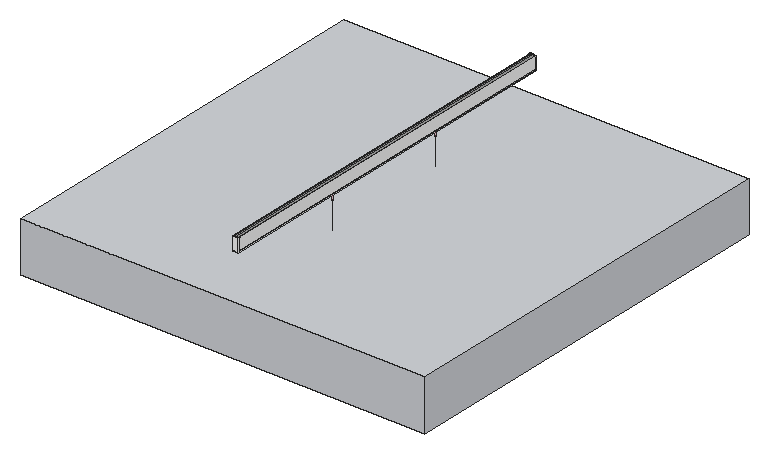
Revit family "LAMP_FIL 35 2240MM OPAL SUSPENDED", category Luminarias, Revit 2018
Family settings
  Anfitrión = Cara
  Cota de conector redondo = Diámetro de uso
  Tipo de pieza = Normal
  Corte con vacíos al cargar = No
  Origen de luz = Sí
  Compartido = No
  Punto de cálculo de habitación = No
Parameters (values of type "2310LM 3000K  BLACK")
  Ángulo de inclinación = -90.00°
  Weight = 4.90 kg
  Wattage = 21.7 W
  Type = "MID POWER TRIDONIC"
  built-in parameter 1150107 = 3000 (stored number, unit not read)
  NOT COVER 2 [instance] = not(END COVER 2)  # no
  NOT COVER 1 [instance] = not(END COVER 1)  # no
  END COVER 2 [instance] = yes
  END COVER 1 [instance] = yes
  Suspension distance [instance] = if(Suspension > 4000 mm, 4000 mm, if(Suspension < 1 mm, 1 mm, Suspension))  # 200 mm
  Suspension [instance] = 200 mm
  built-in parameter 1150110 = 1 (stored number, unit not read)
  built-in parameter 1150109 = 1 (stored number, unit not read)
  built-in parameter 1150112 = 1 (stored number, unit not read)
  built-in parameter 1150113 = 1 (stored number, unit not read)
  built-in parameter 1114218 = 1 (stored number, unit not read)
  Protection rating = "IP20 / IK07"
  Product datasheet = "http://www.lamp.es/product-files/TECH/F31SF224LOOP830NB-EN.pdf"
  Product code = "F31SF224LOOP830NB"
  Product URL = "https://www.lamp.es/en/family/fil-35_413911"
  Power Supply = "220-240V 50/60Hz"
  Power = 22 W
  Plum = 21.7 W
  Photobiological risk = ""
  built-in parameter 1150137 = (empty or 0)
  built-in parameter 1150132 = 2
  Modelo = Product code  # "F31SF224LOOP830NB"
  Model Explanation = ""
  Material suspension = LAMP_Acero genérico
  Material perfil = LAMP_Aluminio Perfil Fil NG
  Material difusor = LAMP_PC Difusor Opal Fil
  Manufacturer name = "LAMP"
  Manufacturer country = "Spain"
  Manufacturer URL = "http://www.lamp.es/en"
  MacAdam = "3"
  Longitud de línea de emisión = 2240 mm
  Last update = "28/04/2021"
  Lamp = "MID-POWER LED"
  LED Lifetime = "50.000 L90 B10"
  built-in parameter 1150105 = 961.24 (stored number, unit not read)
  built-in parameter 1150102 = (empty or 0)
  Insulation class = "I"
  Installation instructions = "https://www.lamp.es/product-files/INS/1004590-A%20INSTR.%20FIL35.pdf"
  built-in parameter 1150106 = 9.6124 (stored number, unit not read)
  IEE = "A+"
  Gear = "Electronic"
  Lumens = 2432.57 lm
  Finish = "Matte black RAL 9011"
  Color Filter = 16777215
  built-in parameter 1114217 = 1 (stored number, unit not read)
  built-in parameter 1150139 = (empty or 0)
  Fabricante = Manufacturer name  # "LAMP"
  Default Elevation = 1219.2 mm
  built-in parameter 1150104 = 10.414 (stored number, unit not read)
  Efficacy = 106.5 lm/W
  Dimensions = "2240x35x80"
  Descripción = "FIL35 SUR 2240 3200 WW OPAL BK."
  built-in parameter 1150115 = 1 (stored number, unit not read)
  built-in parameter 1150114 = 1 (stored number, unit not read)
  built-in parameter 1150138 = (empty or 0)
  built-in parameter 1150134 = 3
  Dimming Lamp Color Temperature Shift = (empty or 0)
  CRI = "80"
  Archivo de red fotométrica = "F31SF224LOOP830NB.IES"
  built-in parameter 1150133 = 10 (stored number, unit not read)
Types (12, lengths in mm): name | built-in parameter 1150107 | Product datasheet | Product code | Modelo | Material perfil | Finish | Efficacy | Descripción | Archivo de red fotométrica
  2310LM 3000K DALI BLACK | 3000 (stored number, unit not read) | "http://www.lamp.es/product-files/TECH/F31SF224LOOP830DB-EN.pdf" | "F31SF224LOOP830DB" | "F31SF224LOOP830DB" | LAMP_Aluminio Perfil Fil NG | "Matte black RAL 9011" | 106.5 lm/W | "FIL35 SUR 2240 3200 WW OPAL DALI BK." | "F31SF224LOOP830nB.IES"
  2310LM 3000K DALI GREY | 3000 (stored number, unit not read) | "http://www.lamp.es/product-files/TECH/F31SF224LOOP830DG-EN.pdf" | "F31SF224LOOP830DG" | "F31SF224LOOP830DG" | LAMP_Aluminio Perfil Fil GR | "Gloss grey" | 106.5 lm/W | "FIL35 SUR 2240 3200 WW OPAL DALI GR." | "F31SF224LOOP830nG.IES"
  2310LM 3000K DALI WHITE | 3000 (stored number, unit not read) | "http://www.lamp.es/product-files/TECH/F31SF224LOOP830DW-EN.pdf" | "F31SF224LOOP830DW" | "F31SF224LOOP830DW" | LAMP_Aluminio Perfil Fil BL | "Matte white RAL 9010" | 106.5 lm/W | "FIL35 SUR 2240 3200 WW OPAL DALI WH." | "F31SF224LOOP830nW.IES"
  2310LM 3000K  BLACK | 3000 (stored number, unit not read) | "http://www.lamp.es/product-files/TECH/F31SF224LOOP830NB-EN.pdf" | "F31SF224LOOP830NB" | "F31SF224LOOP830NB" | LAMP_Aluminio Perfil Fil NG | "Matte black RAL 9011" | 106.5 lm/W | "FIL35 SUR 2240 3200 WW OPAL BK." | "F31SF224LOOP830NB.IES"
  2310LM 3000K  GREY | 3000 (stored number, unit not read) | "http://www.lamp.es/product-files/TECH/F31SF224LOOP830NG-EN.pdf" | "F31SF224LOOP830NG" | "F31SF224LOOP830NG" | LAMP_Aluminio Perfil Fil GR | "Gloss grey" | 106.5 lm/W | "FIL35 SUR 2240 3200 WW OPAL GR." | "F31SF224LOOP830NG.IES"
  2310LM 3000K  WHITE | 3000 (stored number, unit not read) | "http://www.lamp.es/product-files/TECH/F31SF224LOOP830NW-EN.pdf" | "F31SF224LOOP830NW" | "F31SF224LOOP830NW" | LAMP_Aluminio Perfil Fil BL | "Matte white RAL 9010" | 106.5 lm/W | "FIL35 SUR 2240 3200 WW OPAL WH." | "F31SF224LOOP830NW.IES"
  2432LM 4000K DALI BLACK | 4000 (stored number, unit not read) | "http://www.lamp.es/product-files/TECH/F31SF224LOOP840DB-EN.pdf" | "F31SF224LOOP840DB" | "F31SF224LOOP840DB" | LAMP_Aluminio Perfil Fil NG | "Matte black RAL 9011" | 112.1 lm/W | "FIL35 SUR 2240 3200 NW OPAL DALI BK." | "F31SF224LOOP840nB.IES"
  2432LM 4000K DALI GREY | 4000 (stored number, unit not read) | "http://www.lamp.es/product-files/TECH/F31SF224LOOP840DG-EN.pdf" | "F31SF224LOOP840DG" | "F31SF224LOOP840DG" | LAMP_Aluminio Perfil Fil GR | "Gloss grey" | 112.1 lm/W | "FIL35 SUR 2240 3200 NW OPAL DALI GR." | "F31SF224LOOP840nG.IES"
  2432LM 4000K DALI WHITE | 4000 (stored number, unit not read) | "http://www.lamp.es/product-files/TECH/F31SF224LOOP840DW-EN.pdf" | "F31SF224LOOP840DW" | "F31SF224LOOP840DW" | LAMP_Aluminio Perfil Fil BL | "Matte white RAL 9010" | 112.1 lm/W | "FIL35 SUR 2240 3200 NW OPAL DALI WH." | "F31SF224LOOP840nW.IES"
  2432LM 4000K  BLACK | 4000 (stored number, unit not read) | "http://www.lamp.es/product-files/TECH/F31SF224LOOP840NB-EN.pdf" | "F31SF224LOOP840NB" | "F31SF224LOOP840NB" | LAMP_Aluminio Perfil Fil NG | "Matte black RAL 9011" | 112.1 lm/W | "FIL35 SUR 2240 3200 NW OPAL BK." | "F31SF224LOOP840NB.IES"
  2432LM 4000K  GREY | 4000 (stored number, unit not read) | "http://www.lamp.es/product-files/TECH/F31SF224LOOP840NG-EN.pdf" | "F31SF224LOOP840NG" | "F31SF224LOOP840NG" | LAMP_Aluminio Perfil Fil GR | "Gloss grey" | 112.1 lm/W | "FIL35 SUR 2240 3200 NW OPAL GR." | "F31SF224LOOP840NG.IES"
  2432LM 4000K  WHITE | 4000 (stored number, unit not read) | "http://www.lamp.es/product-files/TECH/F31SF224LOOP840NW-EN.pdf" | "F31SF224LOOP840NW" | "F31SF224LOOP840NW" | LAMP_Aluminio Perfil Fil BL | "Matte white RAL 9010" | 112.1 lm/W | "FIL35 SUR 2240 3200 NW OPAL WH." | "F31SF224LOOP840NW.IES"
Reference planes
  plane 1 "Centro (Frontal/Posterior)": y = 0
  plane 2: z = 0
  plane 3 "Centro (Izquierda/Derecha)": x = 0
Forms (mm)
  Extrusion 1, solid
    sketch origin (0, 0, 0) x (1, 0, 0) y (0, 1, 0)
      loop
        line (-1219.2, 1219.2) -> (-1219.2, -1219.2) -> (1219.2, -1219.2) -> (1219.2, 1219.2) -> (-1219.2, 1219.2)
    from 0 to -304.8
  Extrusion 2, solid, material "LAMP_Aluminio Perfil Fil NG" <- "Material perfil"
    sketch origin (0, 0, 0) x (1, 0, 0) y (0, 0, 1)
      loop
        arc (17.75, 285.7) -> (16.75, 286.7) -> (15.75, 285.7) r 1
        line (15.75, 285.7) -> (15.75, 284.2) -> (13.95, 284.2) -> (13.95, 259) -> (0, 259) -> (-13.95, 259) -> (-13.95, 284.2) -> (-15.75, 284.2) -> (-15.75, 285.7)
        arc (-15.75, 285.7) -> (-16.75, 286.7) -> (-17.75, 285.7) r 1
        line (-17.75, 285.7) -> (-17.75, 206.5) -> (-16.75, 206.5) -> (-16.75, 209.7) -> (-12.5, 209.7) -> (-12.5, 207.7) -> (-14.8, 207.7) -> (-13.6, 206.5) -> (-11, 206.5) -> (-11, 214.5) -> (0, 214.5) -> (11, 214.5) -> (11, 206.5) -> (13.6, 206.5) -> (14.8, 207.7) -> (12.5, 207.7) -> (12.5, 209.7) -> (16.75, 209.7) -> (16.75, 206.5) -> (17.75, 206.5) -> (17.75, 285.7)
    from -1120 to 1120
  Extrusion 3, solid, material "LAMP_Acero genérico" <- "Material suspension"
    sketch origin (0, 0, 0) x (1, 0, 0) y (0, 0, 1)
      loop
        line (-12.5, 201) -> (-15.291, 208.272) -> (-13.251, 209.7) -> (-14.251, 209.7) -> (-16.291, 208.272) -> (-13.116, 200) -> (0, 200) -> (13.116, 200) -> (16.291, 208.272) -> (14.251, 209.7) -> (13.251, 209.7) -> (15.291, 208.272) -> (12.5, 201) -> (0, 201) -> (-12.5, 201)
    from -400 to -378
  Extrusion 4, solid, material "LAMP_Acero genérico" <- "Material suspension"
    sketch origin (0, -24, 0) x (1, 0, 0) y (0, 1, 0)
      loop
        circle (0, -365) r 5
    from 163.2 to 200
  Extrusion 5, solid, material "LAMP_Acero genérico" <- "Material suspension"
    sketch origin (0, 24, 0) x (1, 0, 0) y (0, 1, 0)
      loop
        circle (0, 365) r 5
    from 163.2 to 200
  Extrusion 6, solid, material "LAMP_Acero genérico" <- "Material suspension"
    sketch origin (0, 0, 0) x (1, 0, 0) y (0, 1, 0)
      loop
        circle (0, -389) r 1
    from 0 to 163.2
  Extrusion 7, solid, material "LAMP_Acero genérico" <- "Material suspension"
    sketch origin (0, 0, 0) x (1, 0, 0) y (0, 1, 0)
      loop
        circle (0, 389) r 1
    from 0 to 163.2
  Extrusion 8, solid, material "LAMP_PC Difusor Opal Fil" <- "Material difusor"
    sketch origin (0, 0, -200) x (1, 0, 0) y (0, 0, 1)
      loop
        line (-15.75, 484.2) -> (0, 484.2) -> (15.75, 484.2) -> (15.75, 486.7) -> (0, 486.7) -> (-15.75, 486.7) -> (-15.75, 484.2)
    from -1120 to 1120
  Extrusion 9, solid, material "LAMP_Acero genérico" <- "Material suspension"
    sketch origin (0, 0, 0) x (1, 0, 0) y (0, 0, -1)
      loop
        line (-12.5, -201) -> (0, -201) -> (12.5, -201) -> (15.291, -208.272) -> (13.251, -209.7) -> (14.251, -209.7) -> (16.291, -208.272) -> (13.116, -200) -> (0, -200) -> (-13.116, -200) -> (-16.291, -208.272) -> (-14.251, -209.7) -> (-13.251, -209.7) -> (-15.291, -208.272) -> (-12.5, -201)
    from -400 to -378
  Extrusion 10, solid, material "LAMP_PC Difusor Opal Fil" <- "Material difusor"
    sketch origin (0, 0, 0) x (1, 0, 0) y (0, 0, 1)
      loop
        line (-11, 214.5) -> (-11, 206.5) -> (-7.529, 206.5) -> (11, 206.5) -> (11, 214.5) -> (10, 214.5) -> (10, 207.5) -> (-10, 207.5) -> (-10, 214.5) -> (-11, 214.5)
    from -1120 to 1120
Lines and regions (mm)
  reference lines
    curve 1: line (0, -445.47, 200) -> (0, 544.53, 200)
Text (mm)
  text "Any modification of the parameters and properties of the LAMP BIM models must be executed and validated by the LAMP technical department.\nPhone: +34 93 736 68 00\nE-mail: lamp@lamp.es\n\nLAMP reserves the right to modify the technical specifications of its products." at (3252.211, 5261.782, -2790.614), in view "Preview"
Dimensions and locks
  "Suspension distance": level to curve 1
  locked: Extrusion 4 to Extrusion 4 at 36.8
  locked: Extrusion 5 to Extrusion 5 at 36.8
  aligned and locked: plane 2 to Extrusion 1
  aligned and locked: level to Extrusion 1
  aligned and locked: curve 1 to Extrusion 9
  aligned and locked: curve 1 to Extrusion 3
  aligned and locked: Extrusion 4 to curve 1
  aligned and locked: Extrusion 5 to curve 1
  aligned and locked: Extrusion 6 to Extrusion 4
  aligned and locked: Extrusion 7 to Extrusion 5
  aligned and locked: Extrusion 2 to Extrusion 9
  aligned and locked: Extrusion 10 to Extrusion 2
  aligned and locked: Extrusion 8 to Extrusion 2
  aligned and locked: imposter light to Extrusion 8
  aligned and locked: Extrusion 2 to nested 1
  aligned and locked: nested 2 to Extrusion 2
Automatic sketch dimensions
  Extrusion 1 sketch curve to Extrusion 1 sketch curve = 2438.4 mm  (x2)
  Extrusion 4 sketch curve to plane 3 "Centro (Izquierda/Derecha)" = 0 mm
  plane 1 "Centro (Frontal/Posterior)" to Extrusion 4 sketch curve = 389 mm
  Extrusion 5 sketch curve to plane 3 "Centro (Izquierda/Derecha)" = 0 mm
  plane 1 "Centro (Frontal/Posterior)" to Extrusion 5 sketch curve = 389 mm
  Extrusion 6 sketch curve to plane 3 "Centro (Izquierda/Derecha)" = 0 mm
  plane 1 "Centro (Frontal/Posterior)" to Extrusion 6 sketch curve = 389 mm
  Extrusion 7 sketch curve to plane 3 "Centro (Izquierda/Derecha)" = 0 mm
  plane 1 "Centro (Frontal/Posterior)" to Extrusion 7 sketch curve = 389 mm
  Extrusion 10 sketch curve to plane 3 "Centro (Izquierda/Derecha)" = 11 mm
  Extrusion 10 sketch curve to Extrusion 10 sketch curve = 1 mm  (x3)
  Extrusion 10 sketch curve to Extrusion 10 sketch curve = 2.471 mm
  plane 3 "Centro (Izquierda/Derecha)" to Extrusion 10 sketch curve = 10 mm
  level to Extrusion 10 sketch curve = 206.5 mm
  Extrusion 10 sketch curve to Extrusion 10 sketch curve = 7 mm  (x2)
  Extrusion 2 sketch curve to plane 3 "Centro (Izquierda/Derecha)" = 0 mm  (x2)
  Extrusion 2 sketch curve to Extrusion 2 sketch curve = 11 mm
  Extrusion 2 sketch curve to Extrusion 2 sketch curve = 1.5 mm  (x4)
  Extrusion 2 sketch curve to Extrusion 2 sketch curve = 1.1 mm  (x2)
  Extrusion 2 sketch curve to plane 3 "Centro (Izquierda/Derecha)" = 13.95 mm
  Extrusion 2 sketch curve to Extrusion 2 sketch curve = 1.2 mm  (x4)
  Extrusion 2 sketch curve to Extrusion 2 sketch curve = 1.8 mm  (x2)
  Extrusion 2 sketch curve to Extrusion 2 sketch curve = 1 mm  (x3)
  plane 3 "Centro (Izquierda/Derecha)" to Extrusion 2 sketch curve = 11 mm
  plane 3 "Centro (Izquierda/Derecha)" to Extrusion 2 sketch curve = 13.95 mm
  Extrusion 2 sketch curve to Extrusion 2 sketch curve = 1.95 mm
  level to Extrusion 2 sketch curve = 206.5 mm
  Extrusion 2 sketch curve to Extrusion 2 sketch curve = 0 mm  (x3)
  Extrusion 2 sketch curve to Extrusion 2 sketch curve = 2 mm  (x2)
  Extrusion 2 sketch curve to Extrusion 2 sketch curve = 4.8 mm
  Extrusion 2 sketch curve to Extrusion 2 sketch curve = 44.5 mm
  Extrusion 2 sketch curve to Extrusion 2 sketch curve = 25.2 mm
  Extrusion 2 sketch curve to Extrusion 2 sketch curve = 26.7 mm
  Extrusion 8 sketch curve to plane 3 "Centro (Izquierda/Derecha)" = 0 mm  (x2)
  Extrusion 8 sketch curve to Extrusion 8 sketch curve = 15.75 mm
  plane 3 "Centro (Izquierda/Derecha)" to Extrusion 8 sketch curve = 15.75 mm
  level to Extrusion 8 sketch curve = 284.2 mm
  Extrusion 9 sketch curve to plane 3 "Centro (Izquierda/Derecha)" = 0 mm  (x2)
  Extrusion 9 sketch curve to Extrusion 9 sketch curve = 12.5 mm
  Extrusion 9 sketch curve to Extrusion 9 sketch curve = 0.616 mm  (x2)
  Extrusion 9 sketch curve to Extrusion 9 sketch curve = 0.751 mm  (x2)
  Extrusion 9 sketch curve to Extrusion 9 sketch curve = 1 mm  (x5)
  Extrusion 9 sketch curve to Extrusion 9 sketch curve = 1.04 mm  (x2)
  plane 3 "Centro (Izquierda/Derecha)" to Extrusion 9 sketch curve = 12.5 mm
  level to Extrusion 9 sketch curve = 209.7 mm
  Extrusion 9 sketch curve to Extrusion 9 sketch curve = 0 mm  (x3)
  Extrusion 9 sketch curve to Extrusion 9 sketch curve = 1.428 mm  (x2)
  Extrusion 9 sketch curve to Extrusion 9 sketch curve = 7.272 mm
  Extrusion 3 sketch curve to plane 3 "Centro (Izquierda/Derecha)" = 0 mm  (x2)
  Extrusion 3 sketch curve to Extrusion 3 sketch curve = 12.5 mm
  Extrusion 3 sketch curve to Extrusion 3 sketch curve = 0.616 mm  (x2)
  Extrusion 3 sketch curve to Extrusion 3 sketch curve = 0.751 mm  (x2)
  Extrusion 3 sketch curve to Extrusion 3 sketch curve = 1 mm  (x5)
  Extrusion 3 sketch curve to Extrusion 3 sketch curve = 1.04 mm  (x2)
  plane 3 "Centro (Izquierda/Derecha)" to Extrusion 3 sketch curve = 12.5 mm
  level to Extrusion 3 sketch curve = 200 mm
  Extrusion 3 sketch curve to Extrusion 3 sketch curve = 7.272 mm  (x2)
  Extrusion 3 sketch curve to Extrusion 3 sketch curve = 0 mm  (x2)
  Extrusion 3 sketch curve to Extrusion 3 sketch curve = 1.428 mm  (x2)
  Extrusion 8 sketch curve to Extrusion 8 sketch curve = 2.5 mm
  plane 1 "Centro (Frontal/Posterior)" to curve 1 = 445.47 mm
  curve 1 to plane 1 "Centro (Frontal/Posterior)" = 544.53 mm
  radius of Extrusion 4 sketch curve = 5 mm
  radius of Extrusion 5 sketch curve = 5 mm
  radius of Extrusion 6 sketch curve = 1 mm
  radius of Extrusion 7 sketch curve = 1 mm
Nested families
  nested 1: "LAMP_FIL 35 END COVER SURFACE" at (0, -1121.4, 206.5), visible <- "END COVER 1", type "Blanco"
  nested 2: "LAMP_FIL 35 END COVER SURFACE" at (0, 1121.4, 206.5), visible <- "END COVER 2", type "Blanco"
Connectors
  electrical at (0, 389, 200)
    settings: on Extrusion 5, index 1, voltage 230 V, apparent load 0 VA, apparent load phase1 0 VA, apparent load phase2 0 VA, apparent load phase3 0 VA, power factor 1, load classification "Otro", number of poles 1, system type 31, power factor state 1, is connector primary yes, connector utility no, sub classification motor no, connector description ""
Definition of nested family "LAMP_FIL 35 END COVER SURFACE"
  Parameters (values of type "Blanco")
    Material tapa = none
  Reference planes
    plane 1 "Centro (Frontal/Posterior)": y = 0
    plane 2: z = 0
    plane 3 "Centro (Izquierda/Derecha)": x = 0
  Forms (mm)
    Extrusion 1, solid, material <- "Material tapa"
      sketch origin (0, 0, 0) x (0, -1, 0) y (0, 0, 1)
        loop
          line (0, 0) -> (1.4, 0) -> (1.4, 80.5) -> (-1.4, 80.5) -> (-1.4, 0) -> (0, 0)
      from -17.8 to 17.8
  Dimensions and locks
    aligned and locked: level to plane 2
